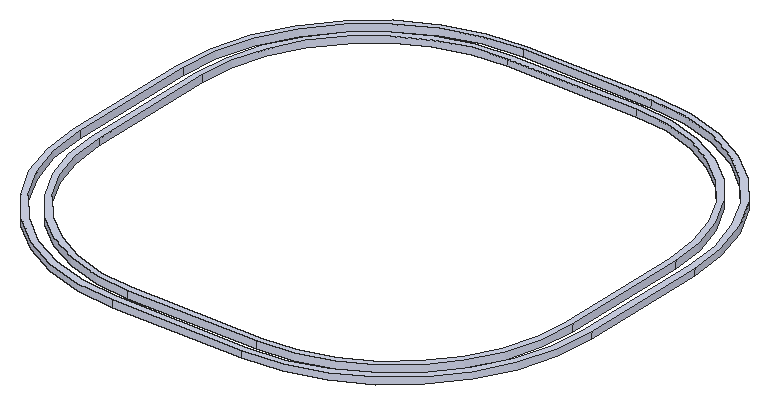
Revit family "BIM 48-1FC", category Generic Models, Revit 2023
Family settings
  Can host rebar = No
  Round Connector Dimension = Use Diameter
  Part Type = Normal
  Work Plane-Based = Yes
  Always vertical = No
  Cut with Voids When Loaded = No
  Maintain Annotation Orientation = No
  Shared = Yes
  Room Calculation Point = No
Parameters
  Default Elevation = 1219.2 mm
Reference planes
  plane 1 "Center (Front/Back)": y = 0
  plane 2: z = 0
  plane 3 "Center (Left/Right)": x = 0
Forms (mm)
  Extrusion 1, solid, material "202-209-238-0-0_202_209_238_0_0"
    sketch origin (0, 0, 0) x (1, 0, 0) y (0, 1, 0)
      loop
        arc (-2.2, 8.2) -> (-6.443, 6.443) -> (-8.2, 2.2) r 6
        line (-8.2, 2.2) -> (-8.2, -2.2)
        arc (-8.2, -2.2) -> (-6.443, -6.443) -> (-2.2, -8.2) r 6
        line (-2.2, -8.2) -> (2.2, -8.2)
        arc (2.2, -8.2) -> (6.443, -6.443) -> (8.2, -2.2) r 6
        line (8.2, -2.2) -> (8.2, 2.2)
        arc (8.2, 2.2) -> (6.443, 6.443) -> (2.2, 8.2) r 6
        line (2.2, 8.2) -> (-2.2, 8.2)
      loop
        line (2.2, 8) -> (-2.2, 8)
        arc (-2.2, 8) -> (-6.301, 6.301) -> (-8, 2.2) r 5.8
        line (-8, 2.2) -> (-8, -2.2)
        arc (-8, -2.2) -> (-6.301, -6.301) -> (-2.2, -8) r 5.8
        line (-2.2, -8) -> (2.2, -8)
        arc (2.2, -8) -> (6.301, -6.301) -> (8, -2.2) r 5.8
        line (8, -2.2) -> (8, 2.2)
        arc (8, 2.2) -> (6.301, 6.301) -> (2.2, 8) r 5.8
    from 2.468 to 2.7
  Extrusion 2, solid, material "202-209-238-0-0_202_209_238_0_0"
    sketch origin (0, 0, 0) x (1, 0, 0) y (0, 1, 0)
      loop
        arc (-2.2, 8.65) -> (-6.761, 6.761) -> (-8.65, 2.2) r 6.45
        line (-8.65, 2.2) -> (-8.65, -2.2)
        arc (-8.65, -2.2) -> (-6.761, -6.761) -> (-2.2, -8.65) r 6.45
        line (-2.2, -8.65) -> (2.2, -8.65)
        arc (2.2, -8.65) -> (6.761, -6.761) -> (8.65, -2.2) r 6.45
        line (8.65, -2.2) -> (8.65, 2.2)
        arc (8.65, 2.2) -> (6.761, 6.761) -> (2.2, 8.65) r 6.45
        line (2.2, 8.65) -> (-2.2, 8.65)
      loop
        arc (-2.2, 8.85) -> (-6.902, 6.902) -> (-8.85, 2.2) r 6.65
        line (-8.85, 2.2) -> (-8.85, -2.2)
        arc (-8.85, -2.2) -> (-6.902, -6.902) -> (-2.2, -8.85) r 6.65
        line (-2.2, -8.85) -> (2.2, -8.85)
        arc (2.2, -8.85) -> (6.902, -6.902) -> (8.85, -2.2) r 6.65
        line (8.85, -2.2) -> (8.85, 2.2)
        arc (8.85, 2.2) -> (6.902, 6.902) -> (2.2, 8.85) r 6.65
        line (2.2, 8.85) -> (-2.2, 8.85)
    from 2.468 to 2.7
Dimensions and locks
  aligned and locked: level to plane 2
